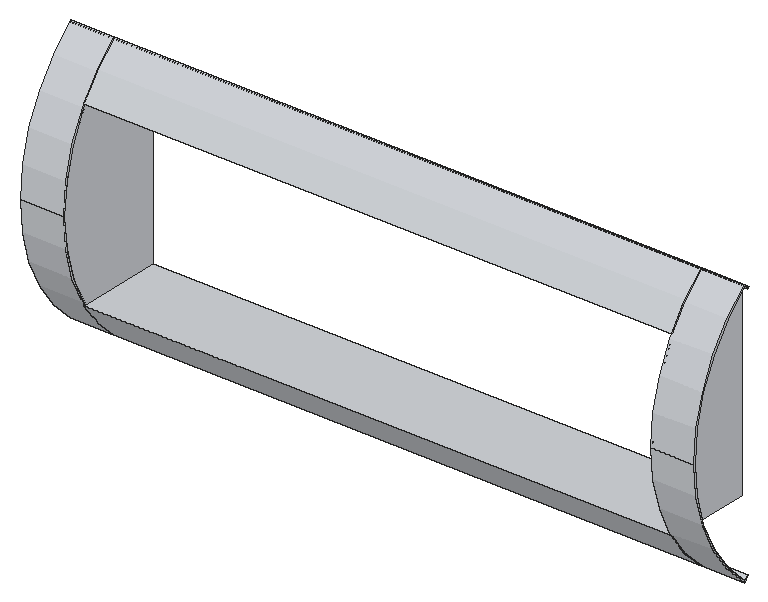
Revit family "ECO20_18X6_10in_dia", category Air Terminals, Revit 2016
Family settings
  Part Type = Normal
  Round Connector Dimension = Use Diameter
  Work Plane-Based = No
  Always vertical = Yes
  Cut with Voids When Loaded = No
  Shared = No
  Room Calculation Point = No
Parameters
  URL = "http://www.anemostat.com"
  Opposed Blade Damper = no
  Model = "S Series Grille with OBD"
  Manufacturer = "Anemostat"
  Overall Width = Grille Width User Defined + 1 13/16"  # 13 13/16"
  Overall Height = Grille Height User Defined + 1 13/16"  # 13 13/16"
  Grille Width User Defined = 12"
  Grille Height User Defined = 12"
  Back of Grille = 1 7/16"
Reference planes (in)
  plane 1 "Center (Front/Back)": y = 0
  plane 2: z = 0
  plane 3 "Center (Left/Right)": x = 0
  plane 4: x = -9.78125
  plane 5 "Grille Width Right": x = 9.78125
  plane 6: z = 7.75
  plane 7: z = 3.875
  plane 8: x = -8.53125
  plane 9 "End Plate Right": x = 8.53125
  plane 10: z = 6.5
  plane 11: z = 1.25
  plane 12: y = -2.5
  plane 13: z = 6.533
  plane 14: z = 1.217
  plane 15: z = 6.533
  plane 16: z = 6.533
Forms (in)
  Extrusion 1, solid
    sketch origin (8.53125, 0, 0) x (0, 0, 1) y (0, -1, 0)
      loop
        arc (7.75, 1.40513) -> (7.17085, 2.00529) -> (6.5, 2.50083) r 5
        line (6.5, 2.50083) -> (6.5, 0) -> (6.533, 0) -> (6.533, 2.44129)
        arc (6.533, 2.44129) -> (7.16019, 1.97072) -> (7.70552, 1.40732) r 4.967
        line (7.70552, 1.40732) -> (7.59408, 1.29588) -> (7.61742, 1.27255) -> (7.75, 1.40513)
      loop
        line (0, 1.40513) -> (0.13258, 1.27255) -> (0.15592, 1.29588) -> (0.04448, 1.40732)
        arc (0.04448, 1.40732) -> (0.58981, 1.97072) -> (1.217, 2.44129) r 4.967
        line (1.217, 2.44129) -> (1.217, 0) -> (1.25, 0) -> (1.25, 2.50083)
        arc (1.25, 2.50083) -> (0.57915, 2.00529) -> (0, 1.40513) r 5
    from -17.0625 to 0
  Extrusion 2, solid
    sketch origin (-9.78125, 0, 0) x (0, 0, 1) y (0, -1, 0)
      loop
        arc (7.75, 1.40513) -> (6.01987, 2.76191) -> (3.875, 3.24532) r 5
        arc (3.875, 3.24532) -> (1.73013, 2.76191) -> (0, 1.40513) r 5
        line (0, 1.40513) -> (0.13258, 1.27255) -> (0.15592, 1.29588) -> (0.04448, 1.40732)
        arc (0.04448, 1.40732) -> (1.75775, 2.73847) -> (3.875, 3.21232) r 4.967
        arc (3.875, 3.21232) -> (5.99225, 2.73847) -> (7.70552, 1.40732) r 4.967
        line (7.70552, 1.40732) -> (7.59408, 1.29588) -> (7.61742, 1.27255) -> (7.75, 1.40513)
    from 0 to 1.25
  Extrusion 3, solid
    sketch origin (8.53125, 0, 0) x (0, 0, 1) y (0, -1, 0)
      loop
        arc (7.75, 1.40513) -> (6.01987, 2.76191) -> (3.875, 3.24532) r 5
        arc (3.875, 3.24532) -> (1.73013, 2.76191) -> (0, 1.40513) r 5
        line (0, 1.40513) -> (0.13258, 1.27255) -> (0.15592, 1.29588) -> (0.04448, 1.40732)
        arc (0.04448, 1.40732) -> (1.75775, 2.73847) -> (3.875, 3.21232) r 4.967
        arc (3.875, 3.21232) -> (5.99225, 2.73847) -> (7.70552, 1.40732) r 4.967
        line (7.70552, 1.40732) -> (7.59408, 1.29588) -> (7.61742, 1.27255) -> (7.75, 1.40513)
    from 0 to 1.25
  Extrusion 4, solid
    sketch origin (8.53125, 0, 0) x (0, 0, 1) y (0, -1, 0)
      loop
        line (1.217, 2.44129) -> (1.217, 0) -> (6.533, 0) -> (6.533, 2.44129)
        arc (6.533, 2.44129) -> (3.875, 3.21232) -> (1.217, 2.44129) r 4.967
    from 0 to 0.03125
  Extrusion 5, solid
    sketch origin (-8.5625, 0, 0) x (0, 0, 1) y (0, -1, 0)
      loop
        line (1.217, 2.44129) -> (1.217, 0) -> (6.533, 0) -> (6.533, 2.44129)
        arc (6.533, 2.44129) -> (3.875, 3.21232) -> (1.217, 2.44129) r 4.967
    from 0 to 0.03125
Dimensions and locks (in)
  plane 6 to plane 2 = 7 3/4"
  equal spacing: plane 5 "Grille Width Right", plane 3 "Center (Left/Right)", plane 4
  locked: plane 5 "Grille Width Right" to plane 4 at 19.5625
  aligned and locked: Extrusion 1 to plane 8
  aligned and locked: plane 9 "End Plate Right" to Extrusion 1
Automatic sketch dimensions
  Extrusion 1 sketch curve to Extrusion 1 sketch curve = 0"  (x12)
  Extrusion 1 sketch curve to level = 0"
  plane 14 to Extrusion 1 sketch curve = 0"
  Extrusion 1 sketch curve to plane 1 "Center (Front/Back)" = 0"  (x2)
  Extrusion 1 sketch curve to plane 11 = 0"
  Extrusion 1 sketch curve to plane 7 = 0"
  Extrusion 1 sketch curve to plane 10 = 0"
  Extrusion 1 sketch curve to plane 13 = 0"
  Extrusion 1 sketch curve to plane 6 = 0"
  level to Extrusion 1 sketch curve = 0.04448"
  level to Extrusion 1 sketch curve = 0.13258"
  Extrusion 1 sketch curve to Extrusion 1 sketch curve = 0.02333"  (x4)
  Extrusion 1 sketch curve to plane 6 = 0.15592"
  Extrusion 1 sketch curve to plane 6 = 0.04448"
  Extrusion 1 sketch curve to plane 1 "Center (Front/Back)" = 1.75468"
  plane 1 "Center (Front/Back)" to Extrusion 1 sketch curve = 1.27255"  (x2)
  Extrusion 2 sketch curve to Extrusion 2 sketch curve = 0"  (x12)
  Extrusion 2 sketch curve to level = 0"
  Extrusion 2 sketch curve to plane 7 = 0"
  Extrusion 2 sketch curve to plane 6 = 0"
  level to Extrusion 2 sketch curve = 0.04448"
  level to Extrusion 2 sketch curve = 0.13258"
  Extrusion 2 sketch curve to Extrusion 2 sketch curve = 0.02333"  (x3)
  Extrusion 2 sketch curve to plane 6 = 0.15592"
  Extrusion 2 sketch curve to plane 6 = 0.04448"
  Extrusion 2 sketch curve to plane 1 "Center (Front/Back)" = 1.75468"
  plane 12 to Extrusion 2 sketch curve = 1.22745"
  Extrusion 3 sketch curve to Extrusion 3 sketch curve = 0"  (x12)
  Extrusion 3 sketch curve to level = 0"
  Extrusion 3 sketch curve to plane 7 = 0"
  Extrusion 3 sketch curve to plane 6 = 0"
  level to Extrusion 3 sketch curve = 0.04448"
  level to Extrusion 3 sketch curve = 0.13258"
  Extrusion 3 sketch curve to Extrusion 3 sketch curve = 0.02333"  (x3)
  Extrusion 3 sketch curve to plane 6 = 0.15592"
  Extrusion 3 sketch curve to plane 6 = 0.04448"
  Extrusion 3 sketch curve to plane 1 "Center (Front/Back)" = 1.75468"
  plane 1 "Center (Front/Back)" to Extrusion 3 sketch curve = 1.27255"
  Extrusion 4 sketch curve to plane 1 "Center (Front/Back)" = 0"
  Extrusion 4 sketch curve to plane 7 = 0"
  Extrusion 4 sketch curve to plane 11 = 0.033"
  plane 10 to Extrusion 4 sketch curve = 0.033"
  Extrusion 4 sketch curve to plane 1 "Center (Front/Back)" = 1.75468"
  plane 12 to Extrusion 4 sketch curve = 0.05871"
  Extrusion 5 sketch curve to plane 1 "Center (Front/Back)" = 0"
  Extrusion 5 sketch curve to plane 7 = 0"
  Extrusion 5 sketch curve to plane 11 = 0.033"
  plane 10 to Extrusion 5 sketch curve = 0.033"
  Extrusion 5 sketch curve to plane 1 "Center (Front/Back)" = 1.75468"
  plane 12 to Extrusion 5 sketch curve = 0.05871"
